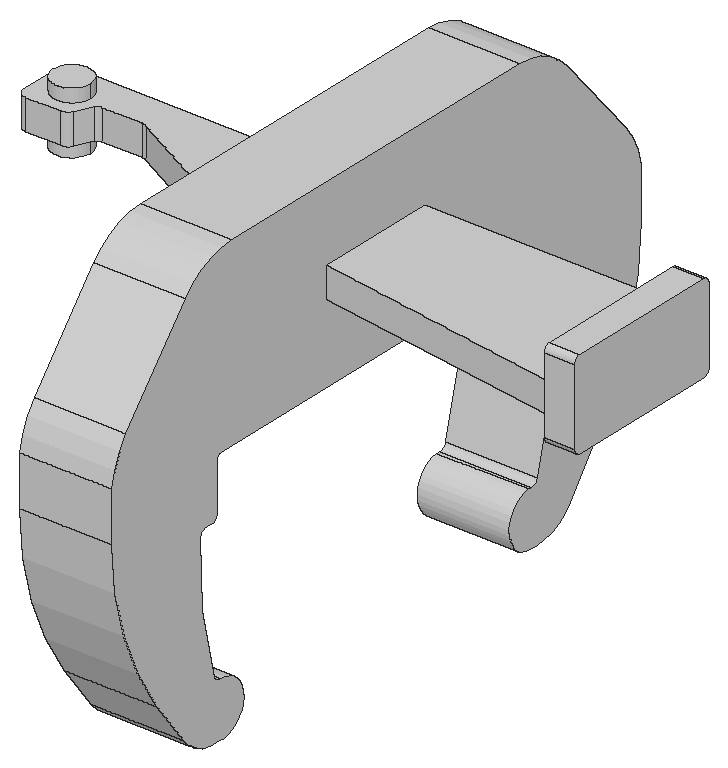
Revit family "EV_ORMA FIXED CLAMP_1900894", category Generic Models, Revit 2018
Family settings
  Can host rebar = No
  Round Connector Dimension = Use Diameter
  Part Type = Normal
  OmniClass Number = 35.51.14.00
  OmniClass Title = FORMWORK
  Work Plane-Based = Yes
  Always vertical = No
  Cut with Voids When Loaded = No
  Shared = Yes
  Room Calculation Point = No
Parameters
  VERSION = "20170217"  # constant formula
  URL = "www.ulmaconstruction.com/en"
  UNICLASS = ""
  Manufacturer = "ULMA CONSTRUCTION"  # constant formula
  ITEM_CODE = "1900894"
  FILTER [instance] = ""
  Default Elevation = 0.000 mm
  CLASSIFICATION_TITLE = ""
  CLASSIFICATION_NUMBER = ""
Reference planes
  plane 1 "Centro (Frontal/Posterior)": y = 0
  plane 2: z = 0
  plane 3 "Centro (Izquierda/Derecha)": x = 0
  plane 4: y = -130
Forms (mm)
  Extrusion 1, solid, material "ULMA ZINC", detail levels fine
    sketch origin (0, 0, 0) x (0, 1, 0) y (0, 0, 1)
      loop
        arc (-123.562, 60) -> (-134.111, 57.665) -> (-142.69, 51.097) r 25
        line (-142.69, 51.097) -> (-166.921, 22.303)
        arc (-166.921, 22.303) -> (-170.827, 16.011) -> (-172.786, 8.869) r 25.806
        line (-172.786, 8.869) -> (-172.786, -7.617)
        arc (-172.786, -7.617) -> (-168.093, -36.788) -> (-154.487, -63.015) r 93.007
        line (-154.487, -63.015) -> (-143.479, -77.86)
        arc (-143.479, -77.86) -> (-137.096, -83.002) -> (-129.015, -84.378) r 16.267
        arc (-129.015, -84.378) -> (-118.983, -75.788) -> (-128.316, -66.444) r 9
        arc (-128.316, -66.444) -> (-130.124, -65.923) -> (-131.265, -64.427) r 3
        arc (-131.265, -64.427) -> (-136.218, -43.136) -> (-136.646, -21.28) r 104.811
        arc (-136.646, -21.28) -> (-136.006, -19.976) -> (-134.653, -19.449) r 2
        line (-134.653, -19.449) -> (-132, -19.449)
        arc (-132, -19.449) -> (-130.586, -18.864) -> (-130, -17.449) r 2
        line (-130, -17.449) -> (-130, -2)
        arc (-130, -2) -> (-129.414, -0.586) -> (-128, 0) r 2
        line (-128, 0) -> (-2, 0)
        arc (-2, 0) -> (-0.586, -0.586) -> (0, -2) r 2
        line (0, -2) -> (0, -18)
        arc (0, -18) -> (0.586, -19.414) -> (2, -20) r 2
        line (2, -20) -> (5.205, -20)
        arc (5.205, -20) -> (6.569, -20.537) -> (7.2, -21.86) r 2
        arc (7.2, -21.86) -> (6.485, -43.46) -> (1.354, -64.455) r 104.811
        arc (1.354, -64.455) -> (0.388, -65.727) -> (-1.135, -66.21) r 2.644
        line (-1.135, -66.21) -> (-2.308, -66.21)
        arc (-2.308, -66.21) -> (-10.373, -75.625) -> (-1.385, -84.163) r 9
        line (-1.385, -84.163) -> (0.884, -84.163)
        arc (0.884, -84.163) -> (8.417, -82.373) -> (14.341, -77.388) r 16.753
        line (14.341, -77.388) -> (24.999, -63.015)
        arc (24.999, -63.015) -> (38.605, -36.788) -> (43.298, -7.617) r 93.007
        line (43.298, -7.617) -> (43.298, 8.869)
        arc (43.298, 8.869) -> (41.339, 16.011) -> (37.433, 22.303) r 25.806
        line (37.433, 22.303) -> (13.202, 51.097)
        arc (13.202, 51.097) -> (4.623, 57.665) -> (-5.926, 60) r 25
        line (-5.926, 60) -> (-123.562, 60)
    from -15 to 15
  Extrusion 2, solid, material "ULMA ZINC"
    sketch origin (0, 0, 0) x (1, 0, 0) y (0, 1, 0)
      loop
        arc (-99.324, -45) -> (-101.445, -45.879) -> (-102.324, -48) r 3
        line (-102.324, -48) -> (-102.324, -62)
        arc (-102.324, -62) -> (-101.445, -64.121) -> (-99.324, -65) r 3
        line (-99.324, -65) -> (-87.824, -65)
        arc (-87.824, -65) -> (-86.207, -64.527) -> (-85.1, -63.256) r 3
        line (-85.1, -63.256) -> (-82.751, -58.163)
        arc (-82.751, -58.163) -> (-82.013, -57.316) -> (-80.935, -57) r 2
        line (-80.935, -57) -> (-67.935, -57)
        arc (-67.935, -57) -> (-67.086, -57.127) -> (-66.252, -57.326) r 10
        line (-66.252, -57.326) -> (-26.07, -78.691)
        arc (-26.07, -78.691) -> (-23.663, -79.713) -> (-21.115, -80.301) r 15
        line (-21.115, -80.301) -> (97.676, -96.996) -> (97.676, -45) -> (-99.324, -45)
    from 26 to 36
  Extrusion 3, solid, material "ULMA ZINC", detail levels fine
    sketch origin (0, 0, 0) x (0, 1, 0) y (0, 0, 1)
      loop
        arc (-97.25, 47.5) -> (-98.664, 46.914) -> (-99.25, 45.5) r 2
        line (-99.25, 45.5) -> (-99.25, 20.5)
        arc (-99.25, 20.5) -> (-98.664, 19.086) -> (-97.25, 18.5) r 2
        line (-97.25, 18.5) -> (-46.75, 18.5)
        arc (-46.75, 18.5) -> (-45.336, 19.086) -> (-44.75, 20.5) r 2
        line (-44.75, 20.5) -> (-44.75, 45.5)
        arc (-44.75, 45.5) -> (-45.336, 46.914) -> (-46.75, 47.5) r 2
        line (-46.75, 47.5) -> (-97.25, 47.5)
    from 97.676 to 107.676
  Extrusion 4, solid, material "ULMA ZINC", detail levels fine
    sketch origin (0, 0, 0) x (1, 0, 0) y (0, 1, 0)
      loop
        circle (-92.324, -55) r 6.1
    from 19.8 to 40.2
  Extrusion 5, solid, material "ULMA ZINC", detail levels coarse+medium
    sketch origin (-15, 0, 0) x (0, -1, 0) y (0, 0, 1)
      loop
        line (-43.298, 0) -> (172.786, 0) -> (172.786, 60) -> (-43.298, 60) -> (-43.298, 0)
    from 0 to -30
Lines and regions (mm)
  model lines, style "ULMA CONNECTORS", detail levels fine
    curve 1: line (15, -95.275, 41) -> (15, -45.992, 41)
    curve 2: line (15, -45.953, 23) -> (15, -95.115, 23)
    curve 3: arc (15, -99.115, 27.045) -> (15, -97.959, 24.188) -> (15, -95.115, 23.001) r 4
    curve 4: arc (15, -95.275, 41) -> (15, -97.894, 39.924) -> (15, -99, 37.316) r 3.725
    curve 5: line (15, -99.115, 27.045) -> (15, -99, 37.316)
    curve 6: arc (15, -42, 37.028) -> (15, -43.176, 39.838) -> (15, -45.992, 41) r 3.992
    curve 7: line (15, -42, 37.028) -> (15, -41.95, 27.022)
    curve 8: arc (15, -45.953, 23) -> (15, -43.116, 24.179) -> (15, -41.95, 27.022) r 4.002
    curve 9: line (-15, -95.275, 41) -> (-15, -45.992, 41)
    curve 10: line (-15, -45.953, 23) -> (-15, -95.115, 23)
    curve 11: arc (-15, -99.115, 27.045) -> (-15, -97.959, 24.188) -> (-15, -95.115, 23.001) r 4
    curve 12: arc (-15, -95.275, 41) -> (-15, -97.894, 39.924) -> (-15, -99, 37.316) r 3.725
    curve 13: line (-15, -99.115, 27.045) -> (-15, -99, 37.316)
    curve 14: arc (-15, -42, 37.028) -> (-15, -43.176, 39.838) -> (-15, -45.992, 41) r 3.992
    curve 15: line (-15, -42, 37.028) -> (-15, -41.95, 27.022)
    curve 16: arc (-15, -45.953, 23) -> (-15, -43.116, 24.179) -> (-15, -41.95, 27.022) r 4.002
Dimensions and locks
  locked: plane 4 to plane 1 "Centro (Frontal/Posterior)" at 130
  aligned and locked: level to plane 2
